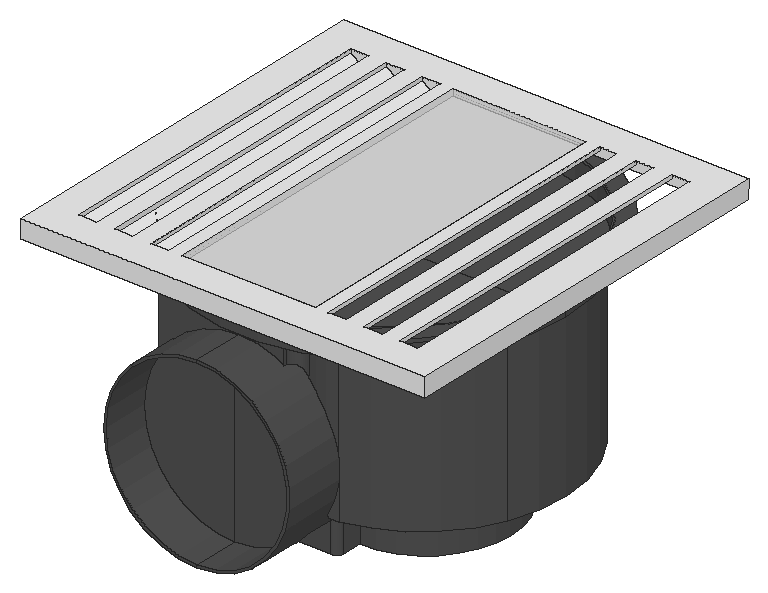
Revit family "Reece_Accessory_Kado_Lux_LED Exhaust Fan", category Mechanical Equipment, host Face, Revit 2018
Family settings
  Host = Face
  Round Connector Dimension = Use Diameter
  Classification = None
  Part Type = Normal
  Cut with Voids When Loaded = No
  Shared = Yes
  Room Calculation Point = Yes
Parameters
  URL = "https://www.reece.com.au/product/-2053297"
  Type Comments = "Accessory"
  Reece_Product_Web Page = "https://www.reece.com.au/product/-2053297"
  Reece_Product_Type = "Accessory"  # constant formula
  Reece_Product_Sub Brand = "Lux"  # constant formula
  Reece_Product_Number = "2053297"
  Reece_Product_Mount = "Ceiling Mounted"
  Reece_Product_Description = "Kado Lux 250 LED Exhaust Fan White"
  Reece_Product_Brand = "Kado"  # constant formula
  Reece_Overall_Width = 326 mm
  Reece_Overall_Length = 326 mm
  Reece_Overall_Height = 195 mm
  Reece_Mechanical_Max Airflow = 324 m³/h
  Reece_Mechanical_Air Outlet Size_250 = if(Reece_Mechanical_Duct_Diameter = 100 mm, 0 mm, 150 mm)  # 150 mm
  Reece_Mechanical_Air Outlet Size_200 = if(Reece_Mechanical_Duct_Diameter = 150 mm, 0 mm, 100 mm)  # 0 mm
  Reece_Mechanical_Duct_Diameter = 150 mm
  Reece_Material_Secondary = Reece_Plastic_ABS_Black
  Reece_Material_Colour = Reece_Plastic_Frosted
  Reece_Material-Main = Reece_Plastic_ABS_White
  Reece_LED_Panel = Reece_Accessory_Kado_Lux_LED Panel : Reece_Accessory_Kado_Lux_LED Panel_14W
  Reece_Installation_Minimum Depth = 220 mm
  Reece_Exhaust Fan_Fascia = Reece_Accessory_Kado_Lux_LED Exhaust Fan_Fascia_250 : Reece_Accessory_Kado_Lux_LED Exhaust Fan_Fascia_250
  Reece_Exhaust Fan = Reece_Accessory_Kado_Lux_Exhaust Fan_250 : Reece_Accessory_Kado_Lux_Exhaust Fan_250
  Reece_Equipment_Weight = 4.30 kg
  Reece_Electrical_Voltage_Min = 220 V  # constant formula
  Reece_Electrical_Voltage_Max = 240 V  # constant formula
  Reece_Electrical_Voltage = 240 V  # constant formula
  Reece_Electrical_LED Light_Wattage = 14 W
  Reece_Electrical_IP Rating = "IPX4"  # constant formula
  Reece_Electrical_Frequency = 50 Hz  # constant formula
  Reece_Electrical_Fan Power_Wattage = 50 W
  Reece_Detail_Note = "Electrical input required. Refer to web page for further details."  # constant formula
  Reece_Detail_Installation = "LED Exhaust Fan"  # constant formula
  Reece_Detail_Disclaimer = "THIS FILE IS THE PROPERTY OF THE REECE GROUP. IT MAY NOT BE REPRODUCED, REVERSE-ENGINEERED OR MODIFIED. ANY REPUBLICATION, TRANSMISSION OR DISTRIBUTION FOR THE PURPOSE OF COMMERCIALLY EXPLOITING THE FILES IS PROHIBITED."  # constant formula
  Reece_Detail_Connector = "Plug in (Plug & Lead included)"  # constant formula
  Reece_Ceiling_Cutout_Diameter = 296 mm
  Model = "Lux"
  Manufacturer = "Kado"
  Keynote = "Product #2053297, Reece_Accessory_Kado_Lux_LED Exhaust Fan -  "
  Disclaimer = "THIS FILE IS THE PROPERTY OF THE REECE GROUP. IT MAY NOT BE REPRODUCED, REVERSE-ENGINEERED OR MODIFIED. ANY REPUBLICATION, TRANSMISSION OR DISTRIBUTION FOR THE PURPOSE OF COMMERCIALLY EXPLOITING THE FILES IS PROHIBITED."  # constant formula
  Description = "Kado Lux 250 LED Exhaust Fan White"
  Default Elevation = 0 mm
Types (3, lengths in mm): name | URL | Reece_Product_Web Page | Reece_Product_Number | Reece_Product_Description | Reece_Overall_Width | Reece_Overall_Length | Reece_Overall_Height | Reece_Mechanical_Max Airflow | Reece_Mechanical_Air Outlet Size_250 | Reece_Mechanical_Air Outlet Size_200 | Reece_Mechanical_Duct_Diameter | Reece_LED_Panel | Reece_Installation_Minimum Depth | Reece_Exhaust Fan_Fascia | Reece_Exhaust Fan | Reece_Equipment_Weight | Reece_Electrical_LED Light_Wattage | Reece_Electrical_Fan Power_Wattage | Reece_Ceiling_Cutout_Diameter | Keynote | Description
  (no name) | "https://www.reece.com.au/product/-2053297" | "https://www.reece.com.au/product/-2053297" | "2053297" | "Kado Lux 250 LED Exhaust Fan White" | 326 | 326 | 195 | 324 m³/h | 150 | 0 | 150 | Reece_Accessory_Kado_Lux_LED Panel : Reece_Accessory_Kado_Lux_LED Panel_14W | 220 | Reece_Accessory_Kado_Lux_LED Exhaust Fan_Fascia_250 : Reece_Accessory_Kado_Lux_LED Exhaust Fan_Fascia_250 | Reece_Accessory_Kado_Lux_Exhaust Fan_250 : Reece_Accessory_Kado_Lux_Exhaust Fan_250 | 4.30 kg | 14 W | 50 W | 296 | "Product #2053297, Reece_Accessory_Kado_Lux_LED Exhaust Fan -  " | "Kado Lux 250 LED Exhaust Fan White"
  326 mm x 326 mm_White | "https://www.reece.com.au/product/-2053297" | "https://www.reece.com.au/product/-2053297" | "2053297" | "Kado Lux 250 LED Exhaust Fan White" | 326 | 326 | 195 | 324 m³/h | 150 | 0 | 150 | Reece_Accessory_Kado_Lux_LED Panel : Reece_Accessory_Kado_Lux_LED Panel_14W | 220 | Reece_Accessory_Kado_Lux_LED Exhaust Fan_Fascia_250 : Reece_Accessory_Kado_Lux_LED Exhaust Fan_Fascia_250 | Reece_Accessory_Kado_Lux_Exhaust Fan_250 : Reece_Accessory_Kado_Lux_Exhaust Fan_250 | 4.30 kg | 14 W | 50 W | 296 | "Product #2053297, Reece_Accessory_Kado_Lux_LED Exhaust Fan - 326 mm x 326 mm_White" | "Kado Lux 250 LED Exhaust Fan White"
  272 mm x 272 mm_White | "https://www.reece.com.au/product/-2053298" | "https://www.reece.com.au/product/-2053298" | "2053298" | "Kado Lux 200 LED Exhaust Fan White" | 272 | 272 | 167 | 143 m³/h | 0 | 100 | 100 | Reece_Accessory_Kado_Lux_LED Panel : Reece_Accessory_Kado_Lux_LED Panel_10W | 200 | Reece_Accessory_Kado_Lux_LED Exhaust Fan_Fascia_200 : Reece_Accessory_Kado_Lux_LED Exhaust Fan_Fascia_200 | Reece_Accessory_Kado_Lux_Exhaust Fan_200 : Reece_Accessory_Kado_Lux_Exhaust Fan_200 | 2.70 kg | 10 W | 30 W | 240 | "Product #2053298, Reece_Accessory_Kado_Lux_LED Exhaust Fan - 272 mm x 272 mm_White" | "Kado Lux 200 LED Exhaust Fan White"
Reference planes
  plane 1 "Center (Front/Back)": y = -79.125
  plane 2 "Ceiling": z = 0
  plane 3 "Center (Left/Right)": x = 0
  plane 4: x = 163
  plane 5: x = -163
  plane 6: z = -220
  plane 7: z = -195
  plane 8: x = 148
  plane 9: x = -148
  plane 10: y = -227.125
  plane 11: y = 68.875
  plane 12: y = -242.125
  plane 13: y = 83.875
  plane 14 "Light Source": z = 15
Forms (mm)
  Extrusion 1, void
    sketch origin (0, 0, 0) x (1, 0, 0) y (0, 1, 0)
      loop
        circle (0, -79.125) r 148
    from 0 to -220
Text (mm)
  text "Reece Copyright © 2018, Reece Ltd." at (-1108.834, -679.227, 0), in view "Ref. Level"
  text "Reece ©" at (78.306, 240.076, 139.55), in view "Reece Preview"
Dimensions and locks
  equal spacing: plane 5, plane 3 "Center (Left/Right)", plane 4
  "Reece_Overall_Width": plane 5 to plane 4
  "Reece_Installation_Minimum Depth": plane 6 to plane 2 "Ceiling"
  "Reece_Overall_Height": plane 2 "Ceiling" to plane 7
  "Reece_Ceiling_Cutout_Diameter": plane 9 to plane 8
  equal spacing: plane 9, plane 3 "Center (Left/Right)", plane 8
  equal spacing: plane 10, plane 1 "Center (Front/Back)", plane 11
  "Reece_Ceiling_Cutout_Diameter": plane 10 to plane 11
  equal spacing: plane 12, plane 1 "Center (Front/Back)", plane 13
  "Reece_Overall_Length": plane 12 to plane 13
  "Reece_Ceiling_Cutout_Diameter": diameter of Extrusion 1 sketch curve
  aligned and locked: plane 2 "Ceiling" to host face
  aligned and locked: level to host face
Automatic sketch dimensions
  host sketch curve to host sketch curve = 696.216 mm
  host sketch curve to host sketch curve = 618.927 mm
  plane 1 "Center (Front/Back)" to Extrusion 1 sketch curve = 0 mm
  Extrusion 1 sketch curve to plane 3 "Center (Left/Right)" = 0 mm
Nested families
  nested 1: "Reece_Accessory_Kado_Lux_LED Exhaust Fan_Fascia_250" at (0, 0, 0), Reece_Material-Main <- "Reece_Material-Main", type <- "Reece_Exhaust Fan_Fascia", Reece_Material_Colour <- "Reece_Material_Colour", type "Reece_Accessory_Kado_Lux_LED Exhaust Fan_Fascia_250"
    with Reece_Material_Colour Reece_Plastic_Frosted, Reece_Material-Main Reece_Plastic_ABS_White
  nested 2: "Reece_Accessory_Kado_Lux_LED Panel" at (0, -79.125, 15), Reece_Electrical_LED Light_Wattage <- "Reece_Electrical_LED Light_Wattage", type <- "Reece_LED_Panel", type "Reece_Accessory_Kado_Lux_LED Panel_14W"
    with Reece_Electrical_LED Light_Wattage 14 W
  nested 3: "Reece_Accessory_Kado_Lux_Exhaust Fan_250" at (0, -79.125, 0), Reece_Material_Secondary <- "Reece_Material_Secondary", type <- "Reece_Exhaust Fan", type "Reece_Accessory_Kado_Lux_Exhaust Fan_250"
    with Reece_Material_Secondary Reece_Plastic_ABS_Black
Connectors
  electrical at (-91.058, -74.805, -187), driven by "Reece_Electrical_Voltage"
    settings: on nested 3, index 1, voltage 240 V, apparent load 0 VA, apparent load phase1 0 VA, apparent load phase2 0 VA, apparent load phase3 0 VA, power factor 1, load classification "HVAC", number of poles 1, system type 30, power factor state 1, is connector primary yes, connector utility no, sub classification motor no, connector description ""
  hvac at (-27, -196.125, -118), driven by "Reece_Mechanical_Air Outlet Size_250", driven by "Reece_Mechanical_Max Airflow"
    settings: on nested 3, index 2, duct flow 324 m³/h, flow factor 0, pres drop 0.0 Pa, loss coef 0, conn angle 0.00°, conn width 304.8 mm, conn height 304.8 mm, conn diameter 150 mm, duct sys type 3, conn prof type 0, flow config 1, flow direction 2, loss method 0, conn ref index -1, conn util no, is conn primary yes, conn desc ""
  hvac at (-30, -159.125, -82), driven by "Reece_Mechanical_Air Outlet Size_200", driven by "Reece_Mechanical_Max Airflow"
    settings: on nested 3, index 3, duct flow 324 m³/h, flow factor 0, pres drop 0.0 Pa, loss coef 0, conn angle 0.00°, conn width 304.8 mm, conn height 304.8 mm, conn diameter 0 mm, duct sys type 3, conn prof type 0, flow config 1, flow direction 2, loss method 0, conn ref index -1, conn util no, is conn primary no, conn desc ""
Definition of nested family "Reece_Accessory_Kado_Lux_LED Exhaust Fan_Fascia_250"
  Parameters (values of type "Reece_Accessory_Kado_Lux_LED Exhaust Fan_Fascia_250")
    URL = ""
    Type Comments = ""
    Reece_Material_Colour [instance] = none
    Reece_Material-Main [instance] = none
    Model = ""
    Manufacturer = ""
    Keynote = ""
    Description = ""
    Default Elevation = 0 mm
    Cost = 0
    Assembly Code = ""
  Reference planes
    plane 1 "Center (Front/Back)": y = -79.125
    plane 2 "Ceiling": z = 0
    plane 3 "Center (Left/Right)": x = 0
    plane 4: y = 83.875
    plane 5: x = 163
    plane 6: x = -163
    plane 7: y = -242.125
    plane 8: y = 57.875
    plane 9: y = -216.125
    plane 10: x = -137
    plane 11: x = 137
    plane 12: x = -54
    plane 13: x = 54
    plane 14: z = 15
  Forms (mm)
    Extrusion 1, solid
      sketch origin (619.2, -619.2, 0) x (1, 0, 0) y (0, 1, 0)
        loop
          line (-961.127, 847.842) -> (-961.127, 228.915) -> (-264.911, 228.915) -> (-264.911, 847.842) -> (-961.127, 847.842)
      from 0 to -10
    Sweep 2, solid, material <- "Reece_Material-Main"
      path origin (0, 0, 0) x (1, 0, 0) y (0, 1, 0)
        loop
          line (-163, 83.875) -> (-163, -242.125) -> (163, -242.125) -> (163, 83.875) -> (-163, 83.875)
      profile origin (-163, -79.125, 0) x (1, 0, 0) y (0, 0, 1)
        loop
          line (0, 0) -> (3, 0) -> (3, 12) -> (26, 12) -> (26, 15) -> (0, 15) -> (0, 0)
    Extrusion 3, solid, material <- "Reece_Material-Main"
      sketch origin (0, -79.125, 0) x (1, 0, 0) y (0, 0, 1)
        loop
          line (-64, 15) -> (-64, 12) -> (-54, 12) -> (-54, 15) -> (-64, 15)
        loop
          line (64, 15) -> (54, 15) -> (54, 12) -> (64, 12) -> (64, 15)
        loop
          line (122, 15) -> (108, 15) -> (108, 12) -> (100.301, 7) -> (103.689, 7) -> (111.389, 12) -> (122, 12) -> (122, 15)
        loop
          line (93, 15) -> (79, 15) -> (79, 12) -> (71.301, 7) -> (74.689, 7) -> (82.389, 12) -> (93, 12) -> (93, 15)
        loop
          line (152, 15) -> (137, 15) -> (137, 12) -> (129.301, 7) -> (132.689, 7) -> (140.389, 12) -> (152, 12) -> (152, 15)
        loop
          line (-122, 15) -> (-122, 12) -> (-111.389, 12) -> (-103.689, 7) -> (-100.301, 7) -> (-108, 12) -> (-108, 15) -> (-122, 15)
        loop
          line (-93, 15) -> (-93, 12) -> (-82.389, 12) -> (-74.689, 7) -> (-71.301, 7) -> (-79, 12) -> (-79, 15) -> (-93, 15)
        loop
          line (-152, 15) -> (-152, 12) -> (-140.389, 12) -> (-132.689, 7) -> (-129.301, 7) -> (-137, 12) -> (-137, 15) -> (-152, 15)
      from -137 to 137
    Extrusion 4, solid, material <- "Reece_Material-Main"
      sketch origin (0, 0, 0) x (1, 0, 0) y (0, 1, 0)
        loop
          line (-149.325, 57.875) -> (-149.325, -216.125) -> (149.496, -216.125) -> (149.496, 57.875) -> (-149.325, 57.875)
        loop
          line (-152, 59.875) -> (-152, -218.125) -> (152, -218.125) -> (152, 59.875) -> (-152, 59.875)
      from 7 to 12
    Extrusion 5, solid, material <- "Reece_Material_Colour"
      sketch origin (0, 0, 0) x (1, 0, 0) y (0, 1, 0)
        loop
          line (-54, 57.875) -> (-54, -216.125) -> (54, -216.125) -> (54, 57.875) -> (-54, 57.875)
      from 12 to 15
    Extrusion 6, solid, material <- "Reece_Material-Main"
      sketch origin (0, 0, 0) x (1, 0, 0) y (0, 1, 0)
        loop
          line (-54, 57.875) -> (-54, -216.125) -> (54, -216.125) -> (54, 57.875) -> (-54, 57.875)
        loop
          line (-56, 59.875) -> (-56, -218.125) -> (56, -218.125) -> (56, 59.875) -> (-56, 59.875)
      from 10 to 15
    Extrusion 7, solid, material <- "Reece_Material-Main"
      sketch origin (0, 0, 0) x (1, 0, 0) y (0, 1, 0)
        loop
          line (-56, 59.875) -> (-56, -218.125) -> (56, -218.125) -> (56, 59.875) -> (-56, 59.875)
      from 8 to 10
  Cuts and joins
    joined: Sweep 2, Extrusion 3, Extrusion 4, Extrusion 6, Extrusion 7
  Text (mm)
    text "Reece Copyright © 2018, Reece Ltd." at (-1108.834, -679.227, 0), in view "Ref. Level"
    text "Reece ©" at (78.306, 240.076, 139.55), in view "Reece Preview"
  Dimensions and locks
    equal spacing: plane 6, plane 3 "Center (Left/Right)", plane 5
    plane 6 to plane 5 = 326 mm
    plane 4 to plane 7 = 326 mm
    equal spacing: plane 4, plane 1 "Center (Front/Back)", plane 7
    plane 10 to plane 11 = 274 mm
    plane 9 to plane 8 = 274 mm
    aligned and locked: plane 2 "Ceiling" to Extrusion 1
    aligned and locked: level to Extrusion 1
    aligned and locked: plane 6 to Sweep 2 sketch curve
    aligned and locked: Sweep 2 sketch curve to plane 4
    aligned and locked: Sweep 2 sketch curve to plane 5
    aligned and locked: Sweep 2 sketch curve to plane 7
    aligned and locked: Extrusion 3 to Sweep 2  (x2)
  Automatic sketch dimensions
    Extrusion 1 sketch curve to Extrusion 1 sketch curve = 696.216 mm
    Extrusion 1 sketch curve to Extrusion 1 sketch curve = 618.927 mm
    profile plane to Sweep 2 sketch curve = 0 mm
    Sweep 2 sketch curve to level = 0 mm
    Sweep 2 sketch curve to profile plane = 3 mm
    Sweep 2 sketch curve to Sweep 2 sketch curve = 23 mm
    Sweep 2 sketch curve to Sweep 2 sketch curve = 12 mm
    Sweep 2 sketch curve to Sweep 2 sketch curve = 3 mm
    Extrusion 3 sketch curve to plane 14 = 0 mm  (x8)
    Extrusion 3 sketch curve to plane 10 = 0 mm
    level to Extrusion 3 sketch curve = 7 mm  (x6)
    Extrusion 3 sketch curve to plane 11 = 0 mm
    Extrusion 3 sketch curve to Extrusion 3 sketch curve = 3.389 mm  (x12)
    Extrusion 3 sketch curve to plane 6 = 11 mm
    plane 14 to Extrusion 3 sketch curve = 3 mm  (x6)
    plane 10 to Extrusion 3 sketch curve = 15 mm
    Extrusion 3 sketch curve to Extrusion 3 sketch curve = 10.689 mm  (x3)
    Extrusion 3 sketch curve to Extrusion 3 sketch curve = 10.611 mm  (x3)
    Extrusion 3 sketch curve to Extrusion 3 sketch curve = 15 mm  (x3)
    Extrusion 3 sketch curve to plane 12 = 10 mm
    Extrusion 3 sketch curve to plane 12 = 20.689 mm
    Extrusion 3 sketch curve to plane 13 = 17.301 mm
    Extrusion 3 sketch curve to plane 13 = 10 mm
    Extrusion 3 sketch curve to Extrusion 3 sketch curve = 11.611 mm
    Extrusion 3 sketch curve to Extrusion 3 sketch curve = 3 mm  (x8)
    Extrusion 3 sketch curve to Extrusion 3 sketch curve = 21.301 mm  (x2)
    plane 9 to Extrusion 4 sketch curve = 0 mm
    Extrusion 4 sketch curve to plane 10 = 12.325 mm
    plane 8 to Extrusion 4 sketch curve = 0 mm
    plane 11 to Extrusion 4 sketch curve = 12.496 mm
    Extrusion 4 sketch curve to plane 10 = 15 mm
    plane 11 to Extrusion 4 sketch curve = 15 mm
    plane 9 to Extrusion 4 sketch curve = 2 mm
    Extrusion 4 sketch curve to plane 8 = 2 mm
    plane 12 to Extrusion 3 sketch curve = 0 mm
    plane 13 to Extrusion 3 sketch curve = 0 mm
    plane 9 to Extrusion 5 sketch curve = 0 mm
    Extrusion 5 sketch curve to plane 12 = 0 mm
    Extrusion 5 sketch curve to plane 13 = 0 mm
    plane 8 to Extrusion 5 sketch curve = 0 mm
    plane 9 to Extrusion 6 sketch curve = 0 mm
    Extrusion 6 sketch curve to plane 12 = 0 mm
    plane 8 to Extrusion 6 sketch curve = 0 mm
    Extrusion 6 sketch curve to plane 13 = 0 mm
    Extrusion 6 sketch curve to plane 12 = 2 mm
    Extrusion 6 sketch curve to plane 13 = 2 mm
    plane 9 to Extrusion 6 sketch curve = 2 mm
    Extrusion 6 sketch curve to plane 8 = 2 mm
    Extrusion 7 sketch curve to plane 12 = 2 mm
    Extrusion 7 sketch curve to plane 13 = 2 mm
    plane 9 to Extrusion 7 sketch curve = 2 mm
    Extrusion 7 sketch curve to plane 8 = 2 mm
Definition of nested family "Reece_Accessory_Kado_Lux_Exhaust Fan_250"
  Parameters (values of type "Reece_Accessory_Kado_Lux_Exhaust Fan_250")
    URL = ""
    Type Comments = ""
    Reece_Material_Secondary [instance] = none
    Model = ""
    Manufacturer = ""
    Keynote = ""
    Description = ""
    Default Elevation = 0 mm
    Cost = 0
    Assembly Code = ""
  Reference planes
    plane 1 "Center (Front/Back)": y = 0
    plane 2: z = 0
    plane 3 "Center (Left/Right)": x = 0
    plane 4: x = -150
    plane 5: x = 150
    plane 6: y = 150
    plane 7: y = -150
    plane 8: z = -195
    plane 9: z = -118
    plane 10: x = -102
    plane 11: x = 48
  Forms (mm)
    Extrusion 1, solid
      sketch origin (619.2, -619.2, 0) x (1, 0, 0) y (0, 1, 0)
        loop
          line (-949.2, 919.028) -> (-949.2, 325.542) -> (-300.722, 325.542) -> (-300.722, 919.028) -> (-949.2, 919.028)
      from 0 to -9.564
    Extrusion 2, solid, material <- "Reece_Material_Secondary"
      sketch origin (-90.579, 3.352, -184.41) x (0, 0, 1) y (0.022455, 0.999748, 0)
        loop
          circle (-2.59, 0.957) r 4.002
      from -1 to 0.5
  Text (mm)
    text "Reece Copyright © 2018, Reece Ltd." at (-1403.988, -1192.393, 0), in view "Ref. Level"
    text "Reece ©" at (44.384, 258.95, 192.345), in view "Reece Preview"
  Dimensions and locks
    equal spacing: plane 7, plane 1 "Center (Front/Back)", plane 6
    plane 7 to plane 6 = 300 mm
    equal spacing: plane 4, plane 3 "Center (Left/Right)", plane 5
    plane 4 to plane 5 = 300 mm
    level to plane 8 = 195 mm
    level to plane 9 = 118 mm
    plane 10 to plane 11 = 150 mm
    aligned and locked: Extrusion 1 to plane 2
    aligned and locked: level to Extrusion 1
  Automatic sketch dimensions
    Extrusion 1 sketch curve to Extrusion 1 sketch curve = 648.478 mm
    Extrusion 1 sketch curve to Extrusion 1 sketch curve = 593.487 mm
    plane 8 to Extrusion 2 sketch curve = 8 mm
    radius of Extrusion 2 sketch curve = 4.002 mm
  Nested families
    nested 1: "Exhaust Fan_250" at (0, 79.125, 0), Reece_Material_Secondary <- "Reece_Material_Secondary", type "Exhaust Fan_250"
      with Reece_Material_Secondary none
  Definition of nested family "Exhaust Fan_250"
    Parameters (values of type "Reece_Accessory_Kado_Lux_Exhaust Fan_250_Nested")
      URL = ""
      Type Comments = ""
      Reece_Material_Secondary [instance] = none
      Model = ""
      Manufacturer = ""
      Keynote = ""
      Description = ""
      Default Elevation = 0 mm
      Cost = 0
      Assembly Code = ""
    Reference planes
      plane 1 "Center (Front/Back)": y = -79.125
      plane 2 "Ceiling": z = 0
      plane 3 "Center (Left/Right)": x = 0
      plane 4: x = -150
      plane 5: x = 150
      plane 6: y = 70.875
      plane 7: y = -229.125
      plane 8 "Outlet Bottom": z = -43
      plane 9 "Top": z = -195
      plane 10 "Outlet Top": z = -193
      plane 11 "Middle Top": z = -155
      plane 12 "Outlet Middle": z = -118
      plane 13 "Connector Middle": z = -187
      plane 14: x = -102
      plane 15: x = 48
      plane 16 "Center L/Z": z = -19
      plane 17 "Outlet Face": y = -234.125
      plane 18 "Connector Centre": x = -27
      plane 19 "Connector": through (-89.437, -69.28, 1219.2) normal (0.9997, -0.0225, 0)
      plane 20: through (-102.464, -74.368, 1219.2) normal (-0.0225, -0.9997, 0)
    Forms (mm)
      Extrusion 1, solid
        sketch origin (619.2, -619.2, 0) x (1, 0, 0) y (0, 1, 0)
          loop
            line (-961.127, 847.842) -> (-961.127, 228.915) -> (-264.911, 228.915) -> (-264.911, 847.842) -> (-961.127, 847.842)
        from 0 to -10
      Revolve 2, solid, material <- "Reece_Material_Secondary"
        sketch origin (0, -79.125, 5) x (1, 0, 0) y (0, 0, 1)
          loop
            line (-145.051, -2) -> (-160, -2) -> (-160, -5) -> (-147, -5) -> (-146.5, -24) -> (0, -24) -> (0, -22) -> (-143.346, -22) -> (-144.051, -2.963)
            arc (-144.051, -2.963) -> (-144.357, -2.28) -> (-145.051, -2) r 1
          axis (0, -2) -> (0, -24)
        angle from 0 to 360
      Extrusion 3, void
        sketch origin (7.612, -3.812, 0) x (1, 0, 0) y (0, 1, 0)
          loop
            circle (24.058, -72.034) r 6
        from -195 to -194
      Extrusion 4, void
        sketch origin (-4.326, -30.101, -6.25) x (0.034899, 0.999391, 0) y (0, 0, 1)
          loop
            line (-53.125, -191) -> (-42.125, -191) -> (-42.125, -180.472)
            arc (-42.125, -180.472) -> (-47.625, -174.972) -> (-53.125, -180.472) r 5.5
            line (-53.125, -180.472) -> (-53.125, -191)
        from -95.4 to -70.486
      Revolve 5, solid, material <- "Reece_Material_Secondary"
        sketch origin (-104.198, -14.752, -187) x (0, -1, 0) y (1, 0, 0)
          loop
            line (60.039, 13.64) -> (60.062, 14.64) -> (55.063, 14.752) -> (55.018, 12.753) -> (56.018, 12.73) -> (56.04, 13.73) -> (60.039, 13.64)
          axis (60.017, 12.64) -> (60.062, 14.64)
        angle from 0 to 360
      Extrusion 6, solid, material <- "Reece_Material_Secondary"
        sketch origin (0, 0, 0) x (1, 0, 0) y (0, 1, 0)
          loop
            line (-91.644, -192.125) -> (9.61, -192.125) -> (9.61, -190.781)
            arc (9.61, -190.781) -> (13.514, -183.362) -> (21.839, -182.38) r 9
            arc (21.839, -182.38) -> (34.752, -185.397) -> (48, -184.797) r 48.405
            arc (48, -184.797) -> (97.893, -161.711) -> (130.55, -117.487) r 110.81
            arc (130.55, -117.487) -> (46.899, 46.78) -> (-103.875, -59.278) r 122
            arc (-103.875, -59.278) -> (-104.465, -67.537) -> (-104.558, -75.816) r 137.831
            arc (-104.558, -75.816) -> (-103.522, -99.276) -> (-101.299, -122.653) r 463.26
            arc (-101.299, -122.653) -> (-96.783, -157.432) -> (-91.644, -192.125) r 1958.452
        from -155 to -19
      Revolve 7, solid, material <- "Reece_Material_Secondary"
        sketch origin (-27, 0, 0) x (0, -1, 0) y (0, 0, 1)
          loop
            line (234.125, -193) -> (234.125, -191) -> (196.125, -191) -> (196.125, -118) -> (160.125, -118) -> (160.125, -193) -> (234.125, -193)
          axis (160.125, -118) -> (234.125, -118)
        angle from 0 to 360
      Extrusion 8, void
        sketch origin (0, 0, 0) x (0, 1, 0) y (0, 0, 1)
          loop
            line (-187.125, -43) -> (-187.125, -155) -> (-149.125, -155) -> (-149.125, -43) -> (-187.125, -43)
        from -120 to -37.076
      Extrusion 9, void
        sketch origin (0, 0, 0) x (0, 1, 0) y (0, 0, 1)
          loop
            line (-194.125, -166) -> (-194.125, -193) -> (-154.846, -193) -> (-154.846, -166) -> (-194.125, -166)
        from -113.459 to 59.851
      Extrusion 10, solid, material <- "Reece_Material_Secondary"
        sketch origin (0, 0, 0) x (1, 0, 0) y (0, 1, 0)
          loop
            arc (31.67, -143.846) -> (99.67, -75.846) -> (31.67, -7.846) r 68
            line (31.67, -7.846) -> (-53.33, -7.846)
            arc (-53.33, -7.846) -> (-70.998, -12.915) -> (-83.292, -26.579) r 33.329
            arc (-83.292, -26.579) -> (-86.421, -34.329) -> (-88.441, -42.44) r 60
            arc (-88.441, -42.44) -> (-91.612, -73.943) -> (-90.093, -105.569) r 213.662
            line (-90.093, -105.569) -> (-83.427, -159.856)
            arc (-83.427, -159.856) -> (-81.447, -163.618) -> (-77.472, -165.125) r 6
            line (-77.472, -165.125) -> (25.67, -165.125)
            arc (25.67, -165.125) -> (29.913, -163.367) -> (31.67, -159.125) r 6
            line (31.67, -159.125) -> (31.67, -143.846)
          loop
            line (-10.824, -9.846) -> (-53.33, -9.846)
            arc (-53.33, -9.846) -> (-69.938, -14.61) -> (-81.494, -27.454) r 31.329
            arc (-81.494, -27.454) -> (-84.518, -34.947) -> (-86.472, -42.787) r 58
            arc (-86.472, -42.787) -> (-89.613, -73.995) -> (-88.107, -105.325) r 211.662
            line (-88.107, -105.325) -> (-81.442, -159.612)
            arc (-81.442, -159.612) -> (-80.122, -162.12) -> (-77.472, -163.125) r 4
            line (-77.472, -163.125) -> (25.67, -163.125)
            arc (25.67, -163.125) -> (28.499, -161.953) -> (29.67, -159.125) r 4
            line (29.67, -159.125) -> (29.67, -145.818)
            arc (29.67, -145.818) -> (-34.514, -98.643) -> (-12.996, -21.948) r 70
            arc (-12.996, -21.948) -> (-11.394, -19.881) -> (-10.824, -17.329) r 6
            line (-10.824, -17.329) -> (-10.824, -9.846)
        from -195 to -155
      Extrusion 11, void
        sketch origin (0, 0, 0) x (1, 0, 0) y (0, 1, 0)
          loop
            arc (-53.33, -9.846) -> (-69.938, -14.61) -> (-81.494, -27.454) r 31.329
            arc (-81.494, -27.454) -> (-84.518, -34.947) -> (-86.472, -42.787) r 58
            arc (-86.472, -42.787) -> (-89.613, -73.995) -> (-88.107, -105.325) r 211.662
            line (-88.107, -105.325) -> (-81.442, -159.612)
            arc (-81.442, -159.612) -> (-80.122, -162.12) -> (-77.472, -163.125) r 4
            line (-77.472, -163.125) -> (25.67, -163.125)
            arc (25.67, -163.125) -> (28.499, -161.953) -> (29.67, -159.125) r 4
            line (29.67, -159.125) -> (29.67, -145.818)
            arc (29.67, -145.818) -> (-34.514, -98.643) -> (-12.996, -21.948) r 70
            arc (-12.996, -21.948) -> (-11.394, -19.881) -> (-10.824, -17.329) r 6
            line (-10.824, -17.329) -> (-10.824, -9.846) -> (-53.33, -9.846)
          loop
            arc (-86.964, -42.7) -> (-90.113, -73.982) -> (-88.604, -105.386) r 212.162
            line (-88.604, -105.386) -> (-81.938, -159.673)
            arc (-81.938, -159.673) -> (-80.453, -162.495) -> (-77.472, -163.625) r 4.5
            line (-77.472, -163.625) -> (25.67, -163.625)
            arc (25.67, -163.625) -> (28.852, -162.307) -> (30.17, -159.125) r 4.5
            line (30.17, -159.125) -> (30.17, -145.33)
            arc (30.17, -145.33) -> (-33.962, -98.709) -> (-12.677, -22.333) r 69.5
            arc (-12.677, -22.333) -> (-10.942, -20.094) -> (-10.324, -17.329) r 6.5
            line (-10.324, -17.329) -> (-10.324, -9.346) -> (-53.33, -9.346)
            arc (-53.33, -9.346) -> (-70.203, -14.187) -> (-81.944, -27.235) r 31.829
            arc (-81.944, -27.235) -> (-84.994, -34.793) -> (-86.964, -42.7) r 58.5
        from -195 to -194
      Extrusion 12, solid, material <- "Reece_Material_Secondary"
        sketch origin (0, 0, 0) x (1, 0, 0) y (0, 1, 0)
          loop
            arc (-53.33, -9.846) -> (-69.938, -14.61) -> (-81.494, -27.454) r 31.329
            arc (-81.494, -27.454) -> (-84.518, -34.947) -> (-86.472, -42.787) r 58
            arc (-86.472, -42.787) -> (-89.613, -73.995) -> (-88.107, -105.325) r 211.662
            line (-88.107, -105.325) -> (-81.442, -159.612)
            arc (-81.442, -159.612) -> (-80.122, -162.12) -> (-77.472, -163.125) r 4
            line (-77.472, -163.125) -> (25.67, -163.125)
            arc (25.67, -163.125) -> (28.499, -161.953) -> (29.67, -159.125) r 4
            line (29.67, -159.125) -> (29.67, -145.818)
            arc (29.67, -145.818) -> (-34.514, -98.643) -> (-12.996, -21.948) r 70
            arc (-12.996, -21.948) -> (-11.394, -19.881) -> (-10.824, -17.329) r 6
            line (-10.824, -17.329) -> (-10.824, -9.846) -> (-53.33, -9.846)
        from -195 to -193
      Extrusion 13, solid, material <- "Reece_Material_Secondary"
        sketch origin (0, 0, 0) x (1, 0, 0) y (0, 1, 0)
          loop
            line (-89.661, -82.701) -> (-87.187, -82.701) -> (-87.187, -67.701) -> (-89.354, -67.701)
            arc (-89.354, -67.701) -> (-89.641, -75.199) -> (-89.661, -82.701) r 211.662
        from -193 to -174.499
    Cuts and joins
      Extrusion 8, Extrusion 9 cuts Revolve 7
      Extrusion 3, Extrusion 4, Extrusion 11 cuts Extrusion 10
      joined: Extrusion 6, Revolve 7, Extrusion 10
    Text (mm)
      text "Reece Copyright © 2018, Reece Ltd." at (-1108.834, -679.227, 0), in view "Ref. Level"
      text "Reece ©" at (78.306, 240.076, 139.55), in view "Reece Preview"
    Dimensions and locks
      plane 4 to plane 5 = 300 mm
      plane 7 to plane 6 = 300 mm
      equal spacing: plane 4, plane 3 "Center (Left/Right)", plane 5
      equal spacing: plane 7, plane 1 "Center (Front/Back)", plane 6
      level to plane 9 "Top" = 195 mm
      level to plane 12 "Outlet Middle" = 118 mm
      plane 14 to plane 15 = 150 mm
      aligned and locked: Extrusion 1 to plane 2 "Ceiling"
      aligned and locked: level to Extrusion 1
    Automatic sketch dimensions
      Extrusion 1 sketch curve to Extrusion 1 sketch curve = 696.216 mm
      Extrusion 1 sketch curve to Extrusion 1 sketch curve = 618.927 mm
      Extrusion 3 sketch curve to plane 1 "Center (Front/Back)" = 3.279 mm
      Revolve 2 sketch curve to level = 0 mm
      Revolve 2 sketch curve to plane 3 "Center (Left/Right)" = 0 mm
      plane 3 "Center (Left/Right)" to Revolve 2 sketch curve = 0 mm
      Revolve 2 sketch curve to plane 4 = 6.654 mm
      Revolve 2 sketch curve to plane 4 = 5.949 mm
      Revolve 2 sketch curve to Revolve 2 sketch curve = 0.999 mm
      Revolve 2 sketch curve to plane 4 = 3.5 mm
      Revolve 2 sketch curve to plane 4 = 3 mm
      plane 4 to Revolve 2 sketch curve = 10 mm
      Revolve 2 sketch curve to level = 17 mm
      Revolve 2 sketch curve to plane 8 "Outlet Bottom" = 24 mm
      level to Revolve 2 sketch curve = 2 mm
      Revolve 2 sketch curve to Revolve 2 sketch curve = 0.037 mm
      Revolve 2 sketch curve to plane 11 "Middle Top" = 6.2 mm
      plane 9 "Top" to Revolve 2 sketch curve = 140.8 mm
      plane 3 "Center (Left/Right)" to Extrusion 3 sketch curve = 31.67 mm
      Extrusion 6 sketch curve to plane 15 = 0 mm  (x2)
      plane 15 to Extrusion 6 sketch curve = 8.794 mm
      Extrusion 6 sketch curve to plane 1 "Center (Front/Back)" = 5.898 mm
      plane 15 to Extrusion 6 sketch curve = 14.752 mm
      Extrusion 6 sketch curve to plane 1 "Center (Front/Back)" = 3.293 mm
      Extrusion 6 sketch curve to Extrusion 6 sketch curve = 5.38 mm
      plane 3 "Center (Left/Right)" to Extrusion 6 sketch curve = 18.61 mm
      Extrusion 6 sketch curve to plane 1 "Center (Front/Back)" = 7.5 mm
      Extrusion 6 sketch curve to Extrusion 6 sketch curve = 10.37 mm
      Extrusion 6 sketch curve to Extrusion 6 sketch curve = 9 mm
      Extrusion 6 sketch curve to plane 1 "Center (Front/Back)" = 12.012 mm
      Extrusion 6 sketch curve to plane 6 = 41.269 mm
      plane 1 "Center (Front/Back)" to Extrusion 6 sketch curve = 58.072 mm
      Extrusion 6 sketch curve to Extrusion 6 sketch curve = 5.984 mm
      Extrusion 6 sketch curve to Extrusion 6 sketch curve = 1.344 mm
      Extrusion 6 sketch curve to plane 14 = 10.356 mm
      Extrusion 6 sketch curve to plane 14 = 0.701 mm
      Extrusion 6 sketch curve to Extrusion 6 sketch curve = 0 mm  (x3)
      plane 14 to Extrusion 6 sketch curve = 1.875 mm
      plane 10 "Outlet Top" to Revolve 7 sketch curve = 0 mm
      plane 12 "Outlet Middle" to Revolve 7 sketch curve = 0 mm  (x2)
      Revolve 7 sketch curve to plane 17 "Outlet Face" = 0 mm
      Revolve 7 sketch curve to plane 10 "Outlet Top" = 2 mm
      Revolve 7 sketch curve to plane 7 = 33 mm
      plane 1 "Center (Front/Back)" to Revolve 7 sketch curve = 81 mm
      Revolve 7 sketch curve to Revolve 7 sketch curve = 21 mm
      plane 17 "Outlet Face" to Revolve 7 sketch curve = 45 mm
      plane 11 "Middle Top" to Extrusion 8 sketch curve = 0 mm
      plane 8 "Outlet Bottom" to Extrusion 8 sketch curve = 0 mm
      Extrusion 8 sketch curve to plane 7 = 42 mm
      Extrusion 8 sketch curve to Extrusion 8 sketch curve = 38 mm
      plane 11 "Middle Top" to Extrusion 9 sketch curve = 11 mm
      Extrusion 9 sketch curve to plane 7 = 35 mm
      Extrusion 9 sketch curve to plane 9 "Top" = 2 mm
      Extrusion 9 sketch curve to Extrusion 9 sketch curve = 39.279 mm
      Extrusion 10 sketch curve to Extrusion 10 sketch curve = 0 mm  (x15)
      Extrusion 10 sketch curve to plane 14 = 11.907 mm
      Extrusion 10 sketch curve to Extrusion 10 sketch curve = 1.985 mm  (x2)
      Extrusion 10 sketch curve to plane 14 = 18.573 mm
      Extrusion 10 sketch curve to Extrusion 10 sketch curve = 5.955 mm
      plane 18 "Connector Centre" to Extrusion 10 sketch curve = 26.33 mm
      plane 18 "Connector Centre" to Extrusion 10 sketch curve = 2.352 mm
      Extrusion 10 sketch curve to Extrusion 10 sketch curve = 4 mm  (x2)
      Extrusion 10 sketch curve to plane 1 "Center (Front/Back)" = 3.279 mm
      plane 15 to Extrusion 10 sketch curve = 16.33 mm
      Extrusion 10 sketch curve to Extrusion 10 sketch curve = 2 mm
      plane 1 "Center (Front/Back)" to Extrusion 10 sketch curve = 0.405 mm
      plane 1 "Center (Front/Back)" to Extrusion 10 sketch curve = 26.2 mm
      Extrusion 10 sketch curve to Extrusion 10 sketch curve = 0.244 mm  (x2)
      Extrusion 10 sketch curve to plane 7 = 70 mm
      Extrusion 10 sketch curve to plane 1 "Center (Front/Back)" = 26.269 mm
      Extrusion 10 sketch curve to Extrusion 10 sketch curve = 11.681 mm
      Extrusion 10 sketch curve to Extrusion 10 sketch curve = 1.798 mm
      Extrusion 10 sketch curve to Extrusion 10 sketch curve = 1.971 mm
      Extrusion 10 sketch curve to plane 18 "Connector Centre" = 10.176 mm
      Extrusion 10 sketch curve to Extrusion 10 sketch curve = 6 mm
      Extrusion 10 sketch curve to plane 5 = 28.023 mm
      Extrusion 11 sketch curve to plane 14 = 13.893 mm
      Extrusion 11 sketch curve to plane 14 = 20.558 mm
      Extrusion 11 sketch curve to Extrusion 11 sketch curve = 3.97 mm
      plane 18 "Connector Centre" to Extrusion 11 sketch curve = 26.33 mm
      plane 18 "Connector Centre" to Extrusion 11 sketch curve = 2.352 mm
      Extrusion 11 sketch curve to plane 18 "Connector Centre" = 10.176 mm
      Extrusion 11 sketch curve to Extrusion 11 sketch curve = 6 mm
      plane 15 to Extrusion 11 sketch curve = 22.33 mm
      Extrusion 11 sketch curve to Extrusion 11 sketch curve = 4 mm  (x2)
      Extrusion 11 sketch curve to plane 1 "Center (Front/Back)" = 3.279 mm
      plane 15 to Extrusion 11 sketch curve = 16.33 mm
      plane 1 "Center (Front/Back)" to Extrusion 11 sketch curve = 0.405 mm
      Extrusion 11 sketch curve to plane 5 = 28.023 mm
      plane 1 "Center (Front/Back)" to Extrusion 11 sketch curve = 26.2 mm
      plane 1 "Center (Front/Back)" to Extrusion 11 sketch curve = 66.693 mm
      Extrusion 11 sketch curve to Extrusion 11 sketch curve = 13.307 mm
      Extrusion 11 sketch curve to plane 1 "Center (Front/Back)" = 26.269 mm
      Extrusion 11 sketch curve to Extrusion 11 sketch curve = 11.681 mm
      Extrusion 11 sketch curve to Extrusion 11 sketch curve = 35.527 mm
      Extrusion 11 sketch curve to Extrusion 11 sketch curve = 7.483 mm
      Extrusion 11 sketch curve to Extrusion 11 sketch curve = 0 mm  (x16)
      Extrusion 11 sketch curve to Extrusion 11 sketch curve = 0.496 mm  (x2)
      Extrusion 11 sketch curve to Extrusion 11 sketch curve = 0.5 mm  (x3)
      Extrusion 11 sketch curve to Extrusion 11 sketch curve = 0.488 mm
      Extrusion 11 sketch curve to Extrusion 11 sketch curve = 0.061 mm
      Extrusion 12 sketch curve to plane 14 = 13.893 mm
      Extrusion 12 sketch curve to plane 14 = 20.558 mm
      Extrusion 12 sketch curve to Extrusion 12 sketch curve = 3.97 mm
      plane 18 "Connector Centre" to Extrusion 12 sketch curve = 26.33 mm
      plane 18 "Connector Centre" to Extrusion 12 sketch curve = 2.352 mm
      Extrusion 12 sketch curve to plane 18 "Connector Centre" = 10.176 mm
      Extrusion 12 sketch curve to Extrusion 12 sketch curve = 6 mm
      plane 15 to Extrusion 12 sketch curve = 22.33 mm
      Extrusion 12 sketch curve to Extrusion 12 sketch curve = 4 mm  (x2)
      Extrusion 12 sketch curve to plane 1 "Center (Front/Back)" = 3.279 mm
      plane 15 to Extrusion 12 sketch curve = 16.33 mm
      plane 1 "Center (Front/Back)" to Extrusion 12 sketch curve = 0.405 mm
      Extrusion 12 sketch curve to plane 5 = 28.023 mm
      plane 1 "Center (Front/Back)" to Extrusion 12 sketch curve = 26.2 mm
      plane 1 "Center (Front/Back)" to Extrusion 12 sketch curve = 66.693 mm
      Extrusion 12 sketch curve to Extrusion 12 sketch curve = 13.307 mm
      Extrusion 12 sketch curve to plane 1 "Center (Front/Back)" = 26.269 mm
      Extrusion 12 sketch curve to Extrusion 12 sketch curve = 11.681 mm
      Extrusion 12 sketch curve to Extrusion 12 sketch curve = 35.527 mm
      Extrusion 12 sketch curve to Extrusion 12 sketch curve = 7.483 mm
      Extrusion 12 sketch curve to Extrusion 12 sketch curve = 0 mm
      Extrusion 4 sketch curve to plane 10 "Outlet Top" = 6.278 mm
      Extrusion 4 sketch curve to Extrusion 4 sketch curve = 5.5 mm
      plane 9 "Top" to Extrusion 4 sketch curve = 2.25 mm
      plane 1 "Center (Front/Back)" to Extrusion 13 sketch curve = 0.405 mm
      Extrusion 13 sketch curve to plane 1 "Center (Front/Back)" = 11.423 mm
      Extrusion 13 sketch curve to plane 14 = 12.339 mm
      Extrusion 13 sketch curve to Extrusion 13 sketch curve = 2.168 mm
      Extrusion 13 sketch curve to Extrusion 13 sketch curve = 2.475 mm
      plane 1 "Center (Front/Back)" to Extrusion 13 sketch curve = 3.577 mm
      Revolve 5 sketch curve to plane 1 "Center (Front/Back)" = 9.355 mm
      Revolve 5 sketch curve to Revolve 5 sketch curve = 0.045 mm
      Revolve 5 sketch curve to Revolve 5 sketch curve = 1 mm
      Revolve 5 sketch curve to plane 14 = 11.532 mm
      Revolve 5 sketch curve to Revolve 5 sketch curve = 0.022 mm
      Revolve 5 sketch curve to Revolve 5 sketch curve = 3.999 mm
      Revolve 5 sketch curve to Revolve 5 sketch curve = 0.09 mm
      Revolve 5 sketch curve to Revolve 5 sketch curve = 0.014 mm
      Revolve 5 sketch curve to Revolve 5 sketch curve = 0 mm  (x2)
      Revolve 5 sketch curve to Revolve 5 sketch curve = 0.641 mm
      radius of Extrusion 3 sketch curve = 6 mm
Definition of nested family "Reece_Accessory_Kado_Lux_LED Panel"
  Parameters (values of type "Reece_Accessory_Kado_Lux_LED Panel_10W")
    Wattage = 4.32201 W
    built-in parameter 1150110 = 1 (stored number, unit not read)
    built-in parameter 1114217 = 1 (stored number, unit not read)
    Tilt Angle = 90.00°
    built-in parameter 1150109 = 1 (stored number, unit not read)
    built-in parameter 1150134 = (empty or 0)
    built-in parameter 1150113 = 1 (stored number, unit not read)
    Reece_Electrical_LED Light_Wattage [instance] = 10 W
    Photometric Web File = "generic"
    built-in parameter 1150142 = (empty or 0)
    built-in parameter 1150105 = 51.089 (stored number, unit not read)
    Lumens = 642 lm
    built-in parameter 1150115 = 1 (stored number, unit not read)
    built-in parameter 1150137 = (empty or 0)
    built-in parameter 1150139 = (empty or 0)
    built-in parameter 1150112 = 1 (stored number, unit not read)
    built-in parameter 1150114 = 1 (stored number, unit not read)
    built-in parameter 1150132 = 2
    built-in parameter 1150102 = (empty or 0)
    built-in parameter 1150107 = 4200 (stored number, unit not read)
    built-in parameter 1150138 = (empty or 0)
    built-in parameter 1150106 = 0.51089 (stored number, unit not read)
    Emit from Rectangle Width = 90 mm
    Emit from Rectangle Length = 221 mm
    Emit Shape Visible in Rendering = no
    built-in parameter 1150104 = 13.8 (stored number, unit not read)
    Dimming Lamp Color Temperature Shift = (empty or 0)
    Default Elevation = 0 mm
    Color Filter = 16777215
    built-in parameter 1114218 = 1 (stored number, unit not read)
    built-in parameter 1150133 = 10 (stored number, unit not read)
    Apparent Load = 0 VA
  Types (2, lengths in mm): name | Wattage | Reece_Electrical_LED Light_Wattage | built-in parameter 1150105 | Lumens | built-in parameter 1150106 | Emit from Rectangle Width | Emit from Rectangle Length
    Reece_Accessory_Kado_Lux_LED Panel_14W | 5.9983 W | 14 W | 70.904 (stored number, unit not read) | 891 lm | 0.70904 (stored number, unit not read) | 108 | 274
    Reece_Accessory_Kado_Lux_LED Panel_10W | 4.32201 W | 10 W | 51.089 (stored number, unit not read) | 642 lm | 0.51089 (stored number, unit not read) | 90 | 221
  Reference planes
    plane 1 "Light Source Axis (F/B)": y = 0
    plane 2: z = 0
    plane 3 "Light Source Axis (L/R)": x = 0
    plane 4 "Light Source Elevation": z = 3
    plane 5: x = -45
    plane 6: x = 45
    plane 7: y = 110.5
    plane 8: y = -110.5
  Forms (mm)
    Extrusion 1, solid, not visible
      sketch origin (0, 0, 0) x (1, 0, 0) y (0, 1, 0)
        loop
          line (-45, 110.5) -> (-45, -110.5) -> (45, -110.5) -> (45, 110.5) -> (-45, 110.5)
      from 0 to 3
  Dimensions and locks
    "Emit from Rectangle Width": plane 5 to plane 6
    equal spacing: plane 5, plane 3 "Light Source Axis (L/R)", plane 6
    equal spacing: plane 8, plane 1 "Light Source Axis (F/B)", plane 7
    "Emit from Rectangle Length": plane 8 to plane 7
    aligned and locked: plane 2 to level
  Automatic sketch dimensions
    plane 5 to Extrusion 1 sketch curve = 0 mm
    Extrusion 1 sketch curve to plane 6 = 0 mm
    Extrusion 1 sketch curve to plane 8 = 0 mm
    plane 7 to Extrusion 1 sketch curve = 0 mm
